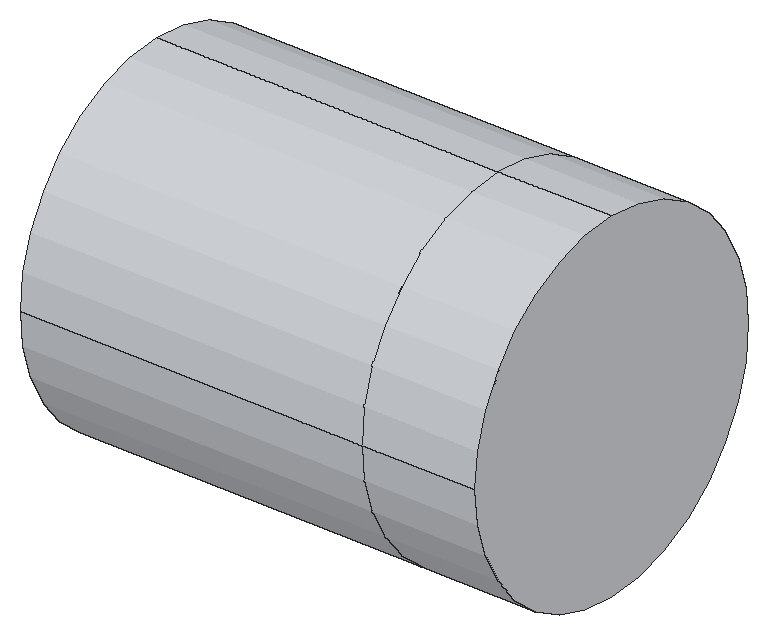
Revit family "2e8906140df64386a504e023bb4953ab", category Duct Fittings, Revit 2021
Family settings
  Round Connector Dimension = Use Radius
  Part Type = Tap - Adjustable
  OmniClass Number = 23.75.70.14
  OmniClass Title = Air Ductwork
  Seek Item ID = Round Takeoff-0000-USA-ENU
  Work Plane-Based = No
  Always vertical = Yes
  Cut with Voids When Loaded = No
  Shared = No
Parameters (values of type "Standard")
  built-in parameter 1114214 [instance] = 1' - 0"
  built-in parameter 1114213 [instance] = 0' - 4"
  built-in parameter 1114215 [instance] = if(Duct Diameter > 1' 4", Duct Diameter * 0.25, 0' 4")  # 0.33333 (stored number, unit not read)
  Duct Radius [instance] = 6"
  Duct Diameter [instance] = Duct Radius * 2  # 12"
  Default Elevation = 0' - 0"
Reference planes (in)
  plane 1 "Center (Front/Back)": y = 0
  plane 2: z = 0
  plane 3 "Center (Left/Right)": x = 0
  plane 4: x = -12
  plane 5: x = 4
Forms (in)
  Sweep 1, solid, detail levels medium+fine
    path in 3D
      loop
        line (0, 0, 0) -> (4, 0, 0)
    profile "Duct - Round : Duct - Round" origin (2, 0, 0) x (0, 1, 0) y (0, 0, 1)
      loop
        arc (-6, 0) -> (-4.24264, -4.24264) -> (0, -6) r 6
        arc (0, -6) -> (4.24264, -4.24264) -> (6, 0) r 6
        arc (6, 0) -> (4.24264, 4.24264) -> (0, 6) r 6
        arc (0, 6) -> (-4.24264, 4.24264) -> (-6, 0) r 6
  Sweep 2, solid, detail levels medium+fine
    path in 3D
      loop
        line (-12, 0, 0) -> (0, 0, 0)
    profile "Duct - Round : Duct - Round" origin (-6, 0, 0) x (0, 1, 0) y (0, 0, 1)
      loop
        arc (-6, 0) -> (-4.24264, -4.24264) -> (0, -6) r 6
        arc (0, -6) -> (4.24264, -4.24264) -> (6, 0) r 6
        arc (6, 0) -> (4.24264, 4.24264) -> (0, 6) r 6
        arc (0, 6) -> (-4.24264, 4.24264) -> (-6, 0) r 6
Cuts and joins
  joined: Sweep 1, Sweep 2
Lines and regions (in)
  reference lines
    curve 1: line (0, 0, 0) -> (4, 0, 0)
    curve 3: line (-12, 0, 0) -> (0, 0, 0)
  sketch lines
    curve 2: line (0, 0, 0) -> (4, 0, 0)
    curve 4: line (-12, 0, 0) -> (0, 0, 0)
  model lines, style "DuctFitting", not visible
    curve 5: line (-12, 0, 0) -> (0, 0, 0)
  model lines, style "DuctFitting", not visible, detail levels coarse
    curve 6: line (0, 0, 0) -> (4, 0, 0)
Dimensions and locks (in)
  "built-in parameter 1114213": plane 3 "Center (Left/Right)" to plane 5
  "built-in parameter 1114214": plane 4 to plane 3 "Center (Left/Right)"
  aligned and locked: plane 5 to curve 1
  aligned and locked: plane 3 "Center (Left/Right)" to curve 1
  aligned and locked: plane 1 "Center (Front/Back)" to curve 1
  aligned and locked: plane 4 to curve 3
  aligned and locked: plane 1 "Center (Front/Back)" to curve 3
  aligned and locked: plane 3 "Center (Left/Right)" to curve 6
  aligned and locked: plane 4 to curve 5
  aligned and locked: plane 1 "Center (Front/Back)" to curve 5
Automatic sketch dimensions
  curve 6 to plane 5 = 0' - 0"
Connectors (in)
  hvac at (0, 0, 0), driven by "Duct Radius"
    settings: on Sweep 1, index 1, duct flow 0 CFM, flow factor 0, pres drop 0.00 in-wg, loss coef 0, conn angle 0.00°, conn width 12", conn height 12", conn diameter 12", duct sys type 28, conn prof type 0, flow config 0, flow direction 0, loss method 0, conn ref index 2, conn util no, is conn primary yes, conn desc ""
  hvac at (4, 0, 0), driven by "Duct Radius"
    settings: on Sweep 1, index 2, duct flow 0 CFM, flow factor 0, pres drop 0.00 in-wg, loss coef 0, conn angle 0.00°, conn width 12", conn height 12", conn diameter 12", duct sys type 28, conn prof type 0, flow config 0, flow direction 0, loss method 0, conn ref index 1, conn util no, is conn primary no, conn desc ""
